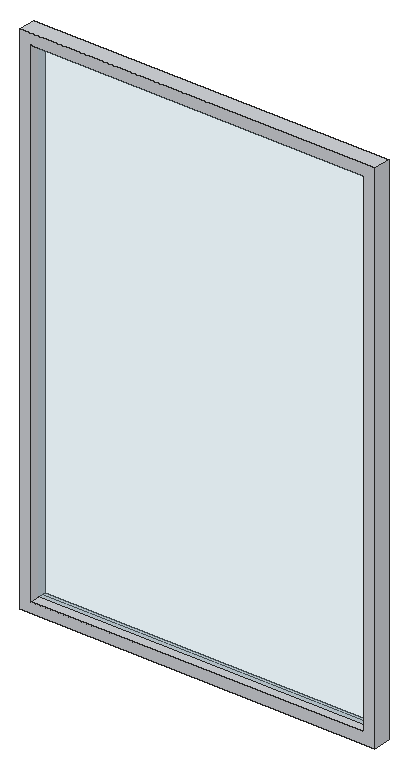
Revit family "ADSK_ОкноВитражноеОдностворчатое", category Окна, Revit 2019
Family settings
  Номер OmniClass = 23.25.20.14.11.11.17
  Заголовок OmniClass = Infill Panels
  Всегда вертикально = Да
  При загрузке вырезать с полостями = Нет
  Общий = Нет
  Точка расчета площади = Нет
Parameters (values of type "Открывание Влево Вверх")
  Термостойкость = 0.271106 (m²·K)/W
  Сдвиг_Право = no
  Сдвиг_Лево = no
  Панель_Смещение [instance] = -50.00 mm
  Рама_профиль_Ширина = 80.00 mm
  Рама_профиль_Высота = 50.00 mm
  Visual Light Transmittance = 0.9
  Стекло_Толщина = 25.00 mm
  Отступ_панели [instance] = 450.00 mm + Панель_Смещение  # 400.00 mm
  Открывание_Лево = yes
  Подъем_Вверх = yes
  Открывание_Право = no
  Откидывание_Вниз = no
  Материал переплета = none
  Solar Heat Gain Coefficient = 0.78
  Идентификатор типа конструкции = "GSP4R"
  Коэффициент теплопередачи (U) = 3.6886 W/(m²·K)
  Материал остекления = ADSK_Стекло_Прозрачное бесцветное
  Стекло_Смещение = 40.00 mm
  Глухая = no
  Аналитическая конструкция = "Одинарное остекление стеклами Пилкингтон - 1/8 дюйма"
  ADSK_Этаж [instance] = ""
  ADSK_Примечание [instance] = ""
  ADSK_Предел огнестойкости = ""
  ADSK_Позиция [instance] = ""
  ADSK_Обозначение = "ГОСТ 23166-99"
  ADSK_Наименование краткое = ""
  ADSK_Наименование = "ОА ОСП *-* ПО Л"
  ADSK_Масса_Текст = ""
  ADSK_Масса = 0
  ADSK_Количество [instance] = 0
  ADSK_Код изделия = ""
  ADSK_Зона [instance] = ""
  ADSK_Завод-изготовитель = ""
  ADSK_Единица измерения = ""
  ADSK_Группирование [instance] = ""
  ADSK_Версия семейства = "1.0"  # constant formula
  ADSK_Версия Revit = "v2019"  # constant formula
  ADSK_URL страницы изделия = ""
  ADSK_URL документации изделия = ""
Types (11, lengths in mm): name | Сдвиг_Право | Сдвиг_Лево | Открывание_Лево | Подъем_Вверх | Открывание_Право | Откидывание_Вниз | Глухая | ADSK_Наименование
  Сдвиг Вправо | yes | no | no | no | no | no | no | "ОА ОСП *-* ПВ Л"
  Сдвиг Влево | no | yes | no | no | no | no | no | "ОА ОСП *-* ПВ Л"
  Открывание Вправо | no | no | no | no | yes | no | no | "ОА ОСП *-* П"
  Открывание Влево | no | no | yes | no | no | no | no | "ОА ОСП *-* Л"
  Открывание Вверх | no | no | no | yes | no | no | no | "ОА ОСП *-* ПО"
  Открывание Вниз | no | no | no | no | no | yes | no | "ОА ОСП *-* ПО"
  Открывание Вправо Вверх | no | no | no | yes | yes | no | no | "ОА ОСП *-* ПО П"
  Открывание Влево Вверх | no | no | yes | yes | no | no | no | "ОА ОСП *-* ПО Л"
  Открывание Влево Вниз | no | no | yes | no | no | yes | no | "ОА ОСП *-* ПО Л"
  Открывание Вправо Вниз | no | no | no | no | yes | yes | no | "ОА ОСП *-* ПО П"
  Глухое | no | no | no | no | no | no | yes | "ОА ОСП *-*"
Reference planes
  plane 1: y = 0
  plane 2: z = 0
  plane 3: x = 0
  plane 4: x = -831.877
  plane 5: x = 831.877
  plane 6: z = 2438.4
  plane 7 "Внутренняя грань": y = -50
  plane 8: z = 1219.2
  plane 9: x = 100
  plane 10: x = -100
  plane 11: z = 1319.2
  plane 12: z = 1119.2
  plane 13: y = -450
Forms (mm)
  Extrusion 1, solid, material "ADSK_Стекло_Прозрачное бесцветное" <- "Материал остекления"
    sketch origin (0, 0, 0) x (1, 0, 0) y (0, 1, 0)
      loop
        line (-781.877, 15) -> (-781.877, -10) -> (781.877, -10) -> (781.877, 15) -> (-781.877, 15)
    from 50 to 2388.4
  Sweep 2, solid, material <- "Материал переплета"
    path origin (0, -50, 0) x (-1, 0, 0) y (0, 0, 1)
      loop
        line (-831.877, 2438.4) -> (-831.877, 0) -> (831.877, 0) -> (831.877, 2438.4) -> (-831.877, 2438.4)
    profile origin (0, -50, 2438.4) x (0, 0, 1) y (0, 1, 0)
      loop
        line (0, 0) -> (0, 80) -> (-50, 80) -> (-50, 0) -> (0, 0)
Lines and regions (mm)
  symbolic lines, visible <- "Откидывание_Вниз"
    curve 1: line (0, -50, 2438.4) -> (831.877, -50, 0)
    curve 2: line (-831.877, -50, 0) -> (0, -50, 2438.4)
  symbolic lines, visible <- "Открывание_Право"
    curve 3: line (831.877, -50, 0) -> (-831.877, -50, 1219.2)
    curve 4: line (831.877, -50, 2438.4) -> (-831.877, -50, 1219.2)
  symbolic lines, visible <- "Открывание_Лево"
    curve 5: line (-831.877, -50, 2438.4) -> (831.877, -50, 1219.2)
    curve 6: line (831.877, -50, 1219.2) -> (-831.877, -50, 0)
  symbolic lines, visible <- "Подъем_Вверх"
    curve 7: line (831.877, -50, 2438.4) -> (0, -50, 0)
    curve 8: line (0, -50, 0) -> (-831.877, -50, 2438.4)
  symbolic lines, visible <- "Глухая"
    curve 9: line (0, -50, 1319.2) -> (0, -50, 1119.2)
    curve 10: line (100, -50, 1219.2) -> (-100, -50, 1219.2)
  symbolic lines, visible <- "Сдвиг_Право"
    curve 11: line (250, -50, 1219.2) -> (-250, -50, 1219.2)
    curve 12: line (-250, -50, 1219.2) -> (-114.77, -50, 1255.435)
    curve 13: line (-250, -50, 1219.2) -> (-114.77, -50, 1182.965)
  symbolic lines, visible <- "Сдвиг_Право", not visible
    curve 14: line (288.269, -50, 1419.396) -> (-211.731, -50, 1419.396)
    curve 15: line (-211.731, -50, 1419.396) -> (-76.501, -50, 1455.631)
    curve 16: line (-211.731, -50, 1419.396) -> (-76.501, -50, 1383.162)
  symbolic lines, visible <- "Сдвиг_Лево"
    curve 17: line (250, -50, 1219.2) -> (-250, -50, 1219.2)
    curve 18: line (250, -50, 1219.2) -> (114.77, -50, 1255.435)
    curve 19: line (250, -50, 1219.2) -> (114.77, -50, 1182.965)
  symbolic lines, visible <- "Сдвиг_Лево", not visible
    curve 20: line (250, -50, 1504.2) -> (-250, -50, 1504.2)
    curve 21: line (250, -50, 1504.2) -> (114.77, -50, 1540.435)
    curve 22: line (250, -50, 1504.2) -> (114.77, -50, 1467.965)
Text (mm)
  text "Наружный" at (-1328.559, 631.882, 0), in view "Базовая линия"
Dimensions and locks
  equal spacing: plane 4, plane 3, plane 5
  "Стекло_Смещение": plane 7 "Внутренняя грань" to Extrusion 1 sketch curve
  "Рама_профиль_Ширина": Sweep 2 sketch curve to profile plane
  "Рама_профиль_Высота": Sweep 2 sketch curve to profile plane
  "Стекло_Толщина": Extrusion 1 sketch curve to Extrusion 1 sketch curve
  equal spacing: plane 2, plane 8, plane 6
  plane 10 to plane 3 to plane 9 = 100.00 mm locked, 100.00 mm locked
  plane 12 to plane 8 to plane 11 = 100.00 mm locked, 100.00 mm locked
  locked: plane 13 to plane 1 at 450
  "Отступ_панели": plane 7 "Внутренняя грань" to plane 13
  aligned and locked: plane 5 to Sweep 2 sketch curve
  aligned and locked: plane 6 to Sweep 2 sketch curve
  aligned and locked: Sweep 2 sketch curve to plane 4
  aligned and locked: plane 2 to Sweep 2 sketch curve
  aligned and locked: Sweep 2 to Extrusion 1 sketch curve
  aligned and locked: Extrusion 1 sketch curve to Sweep 2
  aligned and locked: Extrusion 1 to Sweep 2  (x2)
  aligned and locked: plane 8 to curve 4
  aligned and locked: curve 9 to plane 3
  aligned and locked: plane 11 to curve 9
  aligned and locked: plane 12 to curve 9
  aligned and locked: plane 8 to curve 10
  aligned and locked: plane 10 to curve 10
  aligned and locked: plane 9 to curve 10
  aligned and locked: Sweep 2 to curve 3
  aligned and locked: curve 6 to Sweep 2
  aligned and locked: Sweep 2 to curve 5
  aligned and locked: curve 4 to Sweep 2
  aligned and locked: plane 8 to curve 6
  aligned and locked: Sweep 2 to curve 7
  aligned and locked: Sweep 2 to curve 4
  aligned and locked: Sweep 2 to curve 2
Automatic sketch dimensions
  plane 5 to curve 6 = 0.00 mm
  curve 8 to plane 3 = 0.00 mm
  plane 3 to curve 2 = 0.00 mm
  curve 1 to level = 0.00 mm
  curve 2 to level = 0.00 mm
  curve 8 to plane 6 = 0.00 mm
  curve 4 to plane 6 = 0.00 mm
  Sweep 2 sketch curve to plane 7 "Внутренняя грань" = 0.00 mm
  profile plane to Sweep 2 sketch curve = 0.00 mm
